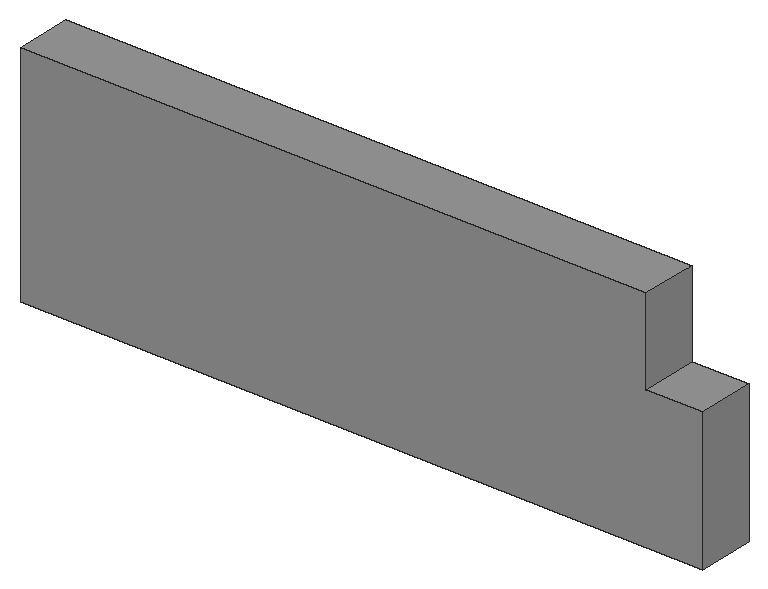
Revit family "1. Sabbia_PDroite_FRA", category Modelos genéricos, Revit 2017
Family settings
  Anfitrión = Muro
  Puede alojar armadura = No
  Cota de conector redondo = Diámetro de uso
  Tipo de pieza = Normal
  Siempre vertical = Sí
  Corte con vacíos al cargar = No
  Compartido = No
  Punto de cálculo de habitación = No
Parameters (values of type "Stonepanel® Sabbia")
  Uniclass 2015 = "Pr_25_71_14_56 Natural stone panels"
  Uniclass 2 = "Pr_25_71_14_56 Natural stone panels"
  Omniclass = "23-15 15 15 11"
  NBS Reference = "45-25-45/380 Natural stone panels"
  Advantages de Stonepanel = "Efficacité:  L’installation des panneaux est simple et facile. Elle n’implique pas l’utilisation de machines spécifiques. La pose est dix fois plus rapide que la pose traditionnelle (20 m2 en moyenne par jour). La longévité de ce produit naturel est supérieure aux autres types de revêtement. Les déchets et les pertes dues aux coupes sont amplement diminués durant le chantier.\r\nSécurité: Le système de fixation breveté et homologué, en acier inoxydable, permet l’installation à plus de 2 mètres de hauteur (Avis Technique, CSTB). La base en ciment, homogène et rugueuse, garantit l’adhésion et permet d’être coupée sans décollement des pierres.\r\nQualité: Le contrôle de la production est effectué de façon continue par le département Innovation de CUPAGROUP. Chaque pierre naturelle est sélectionnée avec une attention particulière par les experts de CUPA STONE. Angles courts, longs, massifs, doubles, pour les fenêtres ou les dessus de mur… De nombreuses pièces spéciales sont proposées en option pour s’adapter parfaitement aux différentes configurations de chantier.\r\nEsthétisme: Le parement en forme de « S » rend les joints invisibles et assure un aspect homogène à la surface installée. Notre gamme de parements en pierre naturelle permet de choisir parmi un large choix de finitions et de coloris. Chaque pierre est unique, ainsi chaque panneau révèle l’élégance et la noblesse de la pierre naturelle."
  Utilisations indiquées = "Revêtements de murs intérieurs ou extérieurs, pour des ouvrages de 12 m de haut au plus.\r\nEn murs intérieurs, les supports admis sont les suivants (ils doivent avoir une épaisseur de 6 cm minimum) :\r\n- les murs en béton,\r\n- les panneaux préfabriqués en béton,\r\n- les enduits à base de ciment sur murs en béton et, murs et parois\r\nen maçonnerie.\r\nEn murs extérieurs, les supports admis sont ceux définis dans le NF DTU 52.2 P1-1-2 (P 61-204-1-1-2) « Cahier des clauses Techniques pour les murs extérieurs »."
  URL = "http://www.cupastone.fr/produit/stonepanel-orient/"
  Résistance au feu = "STONEPANEL ne sont pas de nature à affecter la tenue au feu des ouvrages."
  Durabilité = "La durabilité de l’ouvrage peut être appréciée comme équivalente à celle d’un carrelage collé en façade."
  Type de livraison = "Les panneaux sont emballés en plastique, en paires, ou dans des boîtes en carton, de trois ou quatre panneaux."
  Résistance = "Résistance élevée"
  Poids = "8,75 kg"
  Oxydation = "Non oxidé"
  Autres données intéressants = "STONEPANEL  est utilisé pour la réalisation de revêtements de murs intérieurs ou extérieurs, pour des ouvrages de 12 m de haut au plus."
  Modelo = "Stonepanel® Sabbia"
  Matérial = "Pierre calcaire de couleur crème aux nuances marron et aux sillons dorés. Il s’agit du modèle le plus clair et le plus lumineux de STONEPANEL®."
  Nettoyage = "En général, les panneaux ne nécessitent pas d'entretien et sont autonettoyants, mais la suppression de certains types de marques peuvent nécessiter un traitement spécialisé.\r\nPour les salissures anormales, la surface peut être nettoyée à l'aide d'un mélange eau / détergent chaud, appliqué avec un tampon de nettoyage approprié ou une éponge."
  Long = 600 mm
  Impact = "-"
  Imagen de tipo = <Ninguno>
  Format = "600 x 200"
  Form = "Forme de « S »"
  Fabricante = "Cupastone"
  Le vieillissement par des changements thermiques = "Pas d’altération après 20 cycles."
  Tests effectués par Avis Technique = "Résistance mécanique de l'ancrage\r\nRésistance mécanique de l'attache de sécurité\r\nEssais de durabilité après action de l'eau\r\nEssais de durabilité après action du gel\r\nEssai sismique"
  Décalage de hauteur = 0 mm
  Descripción = "Système de panneaux de pierre naturelle prémontés et assemblés\r\nsur une base en ciment renforcée, sur la face arrière, par une armature en fibre de verre. \r\nSon système de fixation unique évite tout risque de décollement. Est un ancrage spécifique pour les installations\r\nà plus de 2 mètres de hauteur."
  Densité apparente = "79,5 kg/m2"
  Couleur secondaire = "Doré"
  Couleur principale = "Crème"
  Certificats = "Avis Technique - France - En cours"
  Apparence = "Naturelle"
  Largeur = 50 mm
  Haut = 200 mm
  Finiton = "Naturelle"
  Absorption = "Basse absorption"
  Système d'ancrage = "Bande perforée en acier inoxydable:\r\n- Nature de l’acier : AISI 316 (1.4401) ou AISI 304 (1.4301)\r\n- Epaisseur minimale (mm) : 0,7\r\n- Largeur (mm) : 12 à 15\r\n- Diamètre du trou (mm) : 6 ± 1\r\n\r\nChevilles:\r\nLe choix des chevilles de fixation doit être déterminé compte tenu de l’action en dépression du vent (murs extérieurs) et de la résistance des chevilles dans le support considéré en fonction de de la nature du support. Un exemple de cheville à utiliser est TAPCO TC 6/30 x 60.\r\nLa charge admissible des chevilles est égale à 1/K fois la résistance caractéristique indiquée dans l’Agrément Technique Européen de la cheville ou :\r\n   K = 1,75 par comparaison au vent normal\r\n   K = 3 par comparaison au vent extrême\r\nLes chevilles doivent être adaptées à la nature du support porteur."
  Détails de construction = "Détails de:\r\n- Mise en oeuvre avec un profilé en métal\r\n- Mise en oeuvre de Stonepanel\r\n- Mise en oeuvre de Stonepanel en murs intérieurs\r\n- Mise en oeuvre de l'élément de sécurité\r\n- Angles rentrants\r\n- Angles sortants avec continuité de Stonepanel - éléments d'angles\r\n- Angles sortants avec continuité de Stonepanel - angles préformés\r\n- Angles sortants avec continuité de Stonepanel - sciage d'un panneau\r\n- Angles sortants sans continuité de Stonepanel - cas d'un pignon isolé\r\n- Arêtes supérieures\r\n- Dessus d'acrotère\r\n- Encadrement de baie"
Reference planes
  plane 1 "Muro": y = 0
  plane 2 "Centro (Izquierda/Derecha)": x = 125
  plane 3 "Posterior": y = 75
Forms (mm)
  Extrusion 1, solid, material "Stonepanel® SKY Orient"
    sketch origin (0, 160, 1120) x (1, 0, 0) y (0, 0, 1)
      loop
        line (125, -1120) -> (125, -996) -> (75, -996) -> (75, -920) -> (-475, -920) -> (-475, -1120) -> (125, -1120)
    from 35 to 85
Text (mm)
  text "Cara de colocación" at (-1848.837, 1116.779, 0), in view "Nivel de referencia"
  text "Cara de colocación" at (0, 1409.804, 2854.306), in view "Izquierda"
  text "Cara de colocación" at (0, 499.811, 2980.732), in view "Derecha"
Dimensions and locks
  locked: plane 3 "Posterior" to host wall
  locked: Extrusion 1 to plane 3 "Posterior" at 0
  "Largeur": Extrusion 1 to Extrusion 1
  "Long": Extrusion 1 to Extrusion 1
  locked: Extrusion 1 to Extrusion 1 at 76
  "Décalage de hauteur": level to Extrusion 1
  locked: Extrusion 1 to Extrusion 1 at 50
  "Haut": Extrusion 1 to Extrusion 1
  aligned and locked: plane 1 "Muro" to host wall
Automatic sketch dimensions
  Extrusion 1 sketch curve to level = 0 mm
  Extrusion 1 sketch curve to plane 2 "Centro (Izquierda/Derecha)" = 0 mm
  Extrusion 1 sketch curve to plane 2 "Centro (Izquierda/Derecha)" = 50 mm
  level to Extrusion 1 sketch curve = 200 mm
  Extrusion 1 sketch curve to Extrusion 1 sketch curve = 550 mm
  level to Extrusion 1 sketch curve = 124 mm
